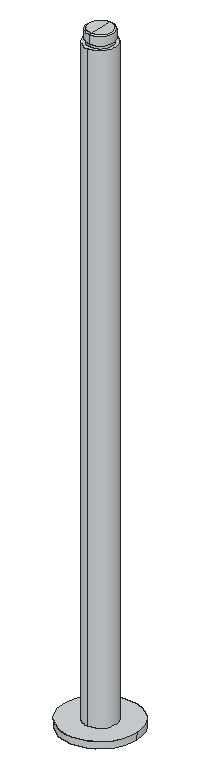
Revit family "Reece_Shower_Milli_Mood Edit_Shower Arm_Vertical_500mm", category Plumbing Fixtures, host Face, Revit 2018
Family settings
  Host = Face
  Round Connector Dimension = Use Diameter
  Part Type = Normal
  Cut with Voids When Loaded = No
  Shared = Yes
  Room Calculation Point = Yes
Parameters (values of type "PVD Brushed Nickel")
  WFU = 0  # constant formula
  URL = "https://www.reece.com.au/product/-9511588"
  Type Comments = "Shower"
  Reece_Shower_Inlet = 12 mm  # constant formula
  Reece_Product_Web Page = "https://www.reece.com.au/product/-9511588"
  Reece_Product_Type = "Shower"  # constant formula
  Reece_Product_Sub Brand = "Mood Edit"  # constant formula
  Reece_Product_Number = "9511588"
  Reece_Product_Mount = "Ceiling Mounted"
  Reece_Product_Description = "Milli Mood Edit Vertical Shower Arm 500mm PVD Brushed Nickel"
  Reece_Product_Brand = "Milli"  # constant formula
  Reece_Overall_Width = 60 mm  # constant formula
  Reece_Overall_Height = 500 mm  # constant formula
  Reece_Material_Main = Reece_PVD_Brushed Nickel
  Reece_Detail_Disclaimer = "THIS FILE IS THE PROPERTY OF THE REECE GROUP. IT MAY NOT BE REPRODUCED, REVERSE-ENGINEERED OR MODIFIED. ANY REPUBLICATION, TRANSMISSION OR DISTRIBUTION FOR THE PURPOSE OF COMMERCIALLY EXPLOITING THE FILES IS PROHIBITED."  # constant formula
  Reece_Detail_Additional = "Vertical"  # constant formula
  Model = "Mood Edit"
  Manufacturer = "Milli"
  Keynote = "Product #9511588, Reece_Shower_Milli_Mood Edit_Shower Arm_Vertical_500mm - PVD Brushed Nickel"
  HWFU = 0  # constant formula
  Disclaimer = "THIS FILE IS THE PROPERTY OF THE REECE GROUP. IT MAY NOT BE REPRODUCED, REVERSE-ENGINEERED OR MODIFIED. ANY REPUBLICATION, TRANSMISSION OR DISTRIBUTION FOR THE PURPOSE OF COMMERCIALLY EXPLOITING THE FILES IS PROHIBITED."  # constant formula
  Description = "Milli Mood Edit Vertical Shower Arm 500mm PVD Brushed Nickel"
  Default Elevation = 0 mm  # constant formula
  CWFU = 0  # constant formula
Types (9, lengths in mm): name | URL | Reece_Product_Web Page | Reece_Product_Number | Reece_Product_Description | Reece_Material_Main | Keynote | Description
  Chrome | "https://www.reece.com.au/product/-2263293" | "https://www.reece.com.au/product/-2263293" | "2263293" | "Milli Mood Edit Vertical Shower Arm 500mm Chrome" | Reece_Brass_Chrome | "Product #2263293, Reece_Shower_Milli_Mood Edit_Shower Arm_Vertical_500mm - Chrome" | "Milli Mood Edit Vertical Shower Arm 500mm Chrome"
  Matte Black | "https://www.reece.com.au/product/-2281236" | "https://www.reece.com.au/product/-2281236" | "2281236" | "Milli Mood Edit Vertical Shower Arm 500mm Matte Black" | Reece_Brass_Matte Black | "Product #2281236, Reece_Shower_Milli_Mood Edit_Shower Arm_Vertical_500mm - Matte Black" | "Milli Mood Edit Vertical Shower Arm 500mm Matte Black"
  Brushed Nickel | "https://www.reece.com.au/product/-2299277" | "https://www.reece.com.au/product/-2299277" | "2299277" | "Milli Mood Edit Vertical Shower Arm 500mm Brushed Nickel" | Reece_Brass_Brushed Nickel | "Product #2299277, Reece_Shower_Milli_Mood Edit_Shower Arm_Vertical_500mm - Brushed Nickel" | "Milli Mood Edit Vertical Shower Arm 500mm Brushed Nickel"
  Brushed Gunmetal | "https://www.reece.com.au/product/-2281314" | "https://www.reece.com.au/product/-2281314" | "2281314" | "Milli Mood Edit Vertical Shower Arm 500mm Brushed Gunmetal" | Reece_Brass_Brushed Gunmetal | "Product #2281314, Reece_Shower_Milli_Mood Edit_Shower Arm_Vertical_500mm - Brushed Gunmetal" | "Milli Mood Edit Vertical Shower Arm 500mm Brushed Gunmetal"
  PVD Brushed Bronze | "https://www.reece.com.au/product/-9511099" | "https://www.reece.com.au/product/-9511099" | "9511099" | "Milli Mood Edit Vertical Shower Arm 500mm PVD Brushed Bronze" | Reece_PVD_Brushed Bronze | "Product #9511099, Reece_Shower_Milli_Mood Edit_Shower Arm_Vertical_500mm - PVD Brushed Bronze" | "Milli Mood Edit Vertical Shower Arm 500mm PVD Brushed Bronze"
  PVD Brushed Gold | "https://www.reece.com.au/product/-9510914" | "https://www.reece.com.au/product/-9510914" | "9510914" | "Milli Mood Edit Vertical Shower Arm 500mm PVD Brushed Gold" | Reece_PVD_Brushed Gold | "Product #9510914, Reece_Shower_Milli_Mood Edit_Shower Arm_Vertical_500mm - PVD Brushed Gold" | "Milli Mood Edit Vertical Shower Arm 500mm PVD Brushed Gold"
  PVD Brushed Gunmetal | "https://www.reece.com.au/product/-9511773" | "https://www.reece.com.au/product/-9511773" | "9511773" | "Milli Mood Edit Vertical Shower Arm 500mm PVD Brushed Gunmetal" | Reece_PVD_Brushed Gunmetal | "Product #9511773, Reece_Shower_Milli_Mood Edit_Shower Arm_Vertical_500mm - PVD Brushed Gunmetal" | "Milli Mood Edit Vertical Shower Arm 500mm PVD Brushed Gunmetal"
  PVD Brushed Nickel | "https://www.reece.com.au/product/-9511588" | "https://www.reece.com.au/product/-9511588" | "9511588" | "Milli Mood Edit Vertical Shower Arm 500mm PVD Brushed Nickel" | Reece_PVD_Brushed Nickel | "Product #9511588, Reece_Shower_Milli_Mood Edit_Shower Arm_Vertical_500mm - PVD Brushed Nickel" | "Milli Mood Edit Vertical Shower Arm 500mm PVD Brushed Nickel"
  PVD Matte Black | "https://www.reece.com.au/product/-9511403" | "https://www.reece.com.au/product/-9511403" | "9511403" | "Milli Mood Edit Vertical Shower Arm 500mm PVD Matte Black" | Reece_PVD_Matte Black | "Product #9511403, Reece_Shower_Milli_Mood Edit_Shower Arm_Vertical_500mm - PVD Matte Black" | "Milli Mood Edit Vertical Shower Arm 500mm PVD Matte Black"
Reference planes
  plane 1 "Center (Front/Back)": y = 0
  plane 2: z = 0
  plane 3 "Center (Left/Right)": x = 0
  plane 4: z = 500
  plane 5: x = 30
  plane 6: x = -30
Forms (mm)
  Extrusion 1, solid, material "Reece_PVD_Brushed Nickel" <- "Reece_Material_Main"
    sketch origin (0, 0, 0) x (1, 0, 0) y (0, 1, 0)
      loop
        circle (0, 0) r 30
    from 0 to 5
  Sweep 2, solid, material "Reece_PVD_Brushed Nickel" <- "Reece_Material_Main"
    path origin (0, 0, 0) x (0, 1, 0) y (0, 0, 1)
      loop
        line (0, 5) -> (0, 500)
    profile origin (0, 0, 5) x (0, -1, 0) y (1, 0, 0)
      loop
        circle (0, 0) r 12.5
  Revolve 3, solid, material "Reece_PVD_Brushed Nickel" <- "Reece_Material_Main"
    sketch origin (0, 71.186, -16.767) x (0, 1, 0) y (0, 0, 1)
      loop
        line (-71.186, 526.767) -> (-71.186, 516.767) -> (-61.686, 516.767) -> (-61.686, 519.267) -> (-60.686, 519.267) -> (-60.686, 525.767) -> (-61.686, 526.767) -> (-71.186, 526.767)
      axis (-71.186, 526.767) -> (-71.186, 516.767)
    angle from 0 to 360
Cuts and joins
  joined: Extrusion 1, Sweep 2, Revolve 3
Text (mm)
  text "Reece Copyright © 2018, Reece Ltd." at (-260.256, -149.578, 0), in view "Ref. Level"
  text "Reece © " at (391.457, -810.397, 480.354), in view "Reece_Preview"
  text "Reece Copyright © 2018, Reece Ltd." at (-289.641, -32.118, 0), in view "Ref. Level"
Dimensions and locks
  "Reece_Overall_Height": plane 4 to plane 2
  plane 6 to plane 5 = 60 mm
  equal spacing: plane 5, plane 3 "Center (Left/Right)", plane 6
  aligned and locked: host face to plane 2
  aligned and locked: level to host face
  aligned and locked: Extrusion 1 to plane 2
  aligned and locked: Sweep 2 sketch curve to Revolve 3
Automatic sketch dimensions
  host sketch curve to host sketch curve = 246.061 mm
  host sketch curve to host sketch curve = 257.247 mm
  plane 1 "Center (Front/Back)" to Extrusion 1 sketch curve = 0 mm
  Extrusion 1 sketch curve to plane 3 "Center (Left/Right)" = 0 mm
  Sweep 2 sketch curve to plane 1 "Center (Front/Back)" = 0 mm
  Sweep 2 sketch curve to plane 3 "Center (Left/Right)" = 0 mm
  Sweep 2 sketch curve to profile plane = 0 mm
  Revolve 3 sketch curve to plane 1 "Center (Front/Back)" = 0 mm  (x2)
  Revolve 3 sketch curve to plane 4 = 0 mm
  plane 4 to Revolve 3 sketch curve = 2.5 mm
  Revolve 3 sketch curve to plane 1 "Center (Front/Back)" = 9.5 mm
  Revolve 3 sketch curve to Revolve 3 sketch curve = 0 mm
  Revolve 3 sketch curve to Revolve 3 sketch curve = 1 mm  (x2)
  Revolve 3 sketch curve to Revolve 3 sketch curve = 6.5 mm
  Revolve 3 sketch curve to plane 4 = 126.95 mm
  Revolve 3 sketch curve to Revolve 3 sketch curve = 160.641 mm
  level to Sweep 2 sketch curve = 5 mm
  radius of Extrusion 1 sketch curve = 30 mm
  radius of Sweep 2 sketch curve = 12.5 mm
Connectors
  piping at (0, 0, 0), diameter 12, driven by "Reece_Shower_Inlet"
    settings: on Extrusion 1, index 2, connector inside diameter 609.6 mm, connector length 0 mm, flow factor 0, pipe flow 0.0 L/s, pressure drop 0.0 Pa, fitting loss kfactor 0, connector angle 0.00°, fixture units 0, engagement length 0 mm, angle of deflection 0.00°, flow configuration 0, flow direction 1, fitting loss method 0, system type 29, joint type 0, gender type 0, connector reference index -1, connector utility 0, adjustable connector no, is connector primary yes, connector description ""
